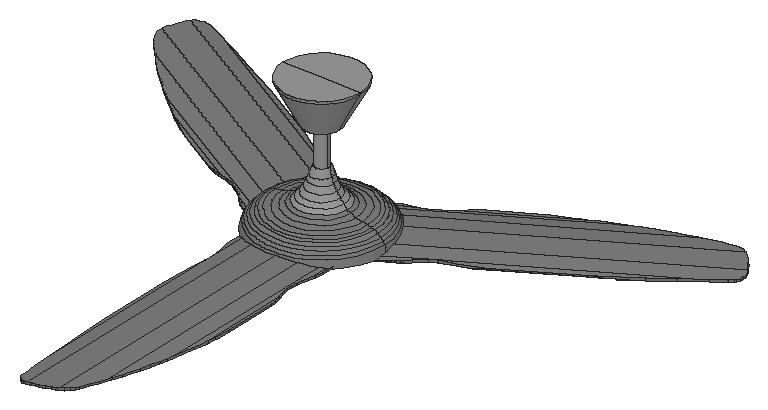
Revit family "Haiku-L Series-52-X3-06", category Generic Models, Revit 2015
Reference planes (in)
  plane 1 "Center (Front/Back)": y = 0
  plane 2: z = 0
  plane 3 "Center (Left/Right)": x = 0
  plane 4: y = -36
Forms (in)
  Revolve 1, solid, not visible
    sketch origin (0, 0, 0) x (1, 0, 0) y (0, 0, 1)
      loop
        line (-0.57203, -5.94949) -> (-0.75989, -6.52766) -> (-0.88726, -6.91966) -> (-1.09857, -7.37282) -> (-1.34682, -7.7701) -> (-1.63576, -8.05904) -> (-1.90663, -8.32991) -> (-2.18875, -8.4928) -> (-2.59757, -8.64159) -> (-3.07449, -8.7517) -> (-3.52877, -8.84) -> (-3.81921, -8.90706) -> (-4.02857, -9.00468) -> (-4.28105, -9.18147) -> (-4.45783, -9.35825) -> (-4.65491, -9.55533) -> (-4.77991, -9.77183) -> (-4.97057, -10.32555) -> (-4.54315, -10.47272) -> (-4.14061, -10.58058) -> (-3.65933, -10.70954) -> (-2.92572, -10.86547) -> (-2.89912, -11.01633) -> (-2.61183, -11.0774) -> (-2.50917, -11.13667) -> (-1.72883, -11.22681) -> (-0.96291, -11.28268) -> (0, -11.32358) -> (0, -5.94949) -> (-0.57203, -5.94949)
      axis (0, -5.94949) -> (0, -11.32358)
    angle from 0 to 360
  Revolve 2, solid
    sketch origin (0, 0, -0.00064) x (1, 0, 0) y (0, 0, 1)
      loop
        line (-0.57203, -5.94949) -> (-0.75989, -6.52766) -> (-0.88726, -6.91966) -> (-1.09857, -7.37282) -> (-1.34682, -7.7701) -> (-1.63576, -8.05904) -> (-1.90663, -8.32991) -> (-2.18875, -8.4928) -> (-2.59757, -8.64159) -> (-3.07449, -8.7517) -> (-3.52877, -8.84) -> (-3.81921, -8.90706) -> (-4.02857, -9.00468) -> (-4.28105, -9.18147) -> (-4.45783, -9.35825) -> (-4.65491, -9.55533) -> (-4.77991, -9.77183) -> (-4.97057, -10.32555) -> (-4.54315, -10.47272) -> (-4.14061, -10.58058) -> (-3.65933, -10.70954) -> (-2.92572, -10.86547) -> (-2.89912, -11.01633) -> (-2.61183, -11.0774) -> (-2.50917, -11.13667) -> (-1.72883, -11.22681) -> (-0.96291, -11.28268) -> (0, -11.32358) -> (0, -5.94949) -> (-0.57203, -5.94949)
      axis (0, -5.94949) -> (0, -11.32358)
    angle from 0 to 360
  Extrusion 3, solid, not visible
    sketch origin (0, 0, 0) x (1, 0, 0) y (0, 0, 1)
      loop
        line (-3.14313, -10.4738) -> (-2.57277, -10.29942) -> (-1.54643, -10.15518) -> (-0.66602, -10.07816) -> (0.13019, -10.05035) -> (0.90523, -10.07742) -> (1.78712, -10.13908) -> (3.26866, -10.37374) -> (3.42624, -10.37374) -> (3.49814, -10.3134) -> (3.51329, -10.21775) -> (3.29281, -10.21775) -> (2.91988, -10.17931) -> (1.81446, -10.00423) -> (0.33677, -9.9009) -> (-1.71612, -10.00849) -> (-2.89597, -10.21653) -> (-3.25765, -10.31344) -> (-3.2312, -10.41213) -> (-3.14313, -10.4738)
    from 3 to 27
  Extrusion 4, void, not visible
    sketch origin (0, 0, 0) x (1, 0, 0) y (0, 1, 0)
      loop
        line (-3.25765, -3.75424) -> (-5.34383, -3.75424) -> (-5.34383, -27.56158) -> (5.34383, -27.56158) -> (5.34383, -3.56158) -> (3.51329, -3.56158) -> (3.51329, -4.35631) -> (3.37547, -4.83694) -> (3.21389, -5.40046) -> (3.13102, -5.82677) -> (3.09053, -6.212) -> (3.06194, -6.35908) -> (3.06194, -6.66675) -> (3.06194, -6.91675) -> (3.08373, -7.1658) -> (3.15904, -7.55324) -> (3.21245, -7.82799) -> (3.3566, -8.29949) -> (3.452, -8.7903) -> (3.51329, -9.29809) -> (3.55805, -9.93819) -> (3.59933, -10.52843) -> (3.59933, -11.2215) -> (3.59933, -11.76216) -> (3.56875, -12.34556) -> (3.54016, -12.89106) -> (3.40107, -14.4809) -> (3.35163, -15.04602) -> (3.18135, -16.25759) -> (2.86027, -18.28485) -> (2.74178, -18.84226) -> (2.57614, -19.62158) -> (2.4274, -20.32133) -> (2.25919, -20.996) -> (2.1153, -21.57307) -> (1.89378, -22.34562) -> (1.60884, -23.22259) -> (1.40753, -23.84214) -> (1.25137, -24.24895) -> (1.14547, -24.52483) -> (1.01183, -24.75631) -> (0.84942, -24.98825) -> (0.60732, -25.23036) -> (0.23563, -25.46261) -> (-0.10698, -25.60103) -> (-0.5007, -25.71393) -> (-0.91265, -25.80149) -> (-1.4275, -25.87385) -> (-1.86243, -25.90426) -> (-2.04243, -25.88852) -> (-2.21139, -25.84324) -> (-2.39285, -25.71618) -> (-2.50563, -25.6034) -> (-2.64778, -25.37593) -> (-2.68285, -25.25361) -> (-2.71019, -24.86254) -> (-2.82384, -23.78125) -> (-2.96191, -21.80684) -> (-3.09101, -19.96061) -> (-3.25765, -16.83791) -> (-3.35502, -14.04942) -> (-3.35502, -11.98738) -> (-3.20873, -10.31528) -> (-3.05621, -8.57193) -> (-2.89597, -7.43175) -> (-2.89597, -6.80508) -> (-3.04367, -5.87253) -> (-3.18921, -5.1878) -> (-3.25765, -4.86584) -> (-3.25765, -3.75424)
    from -12 to -6
  Extrusion 5, solid
    sketch origin (0, 0, 0) x (-0.5, -0.866025, 0) y (0, 0, 1)
      loop
        line (-3.14313, -10.4738) -> (-2.57277, -10.29942) -> (-1.54643, -10.15518) -> (-0.66602, -10.07816) -> (0.13019, -10.05035) -> (0.90523, -10.07742) -> (1.78712, -10.13908) -> (3.26866, -10.37374) -> (3.42624, -10.37374) -> (3.49814, -10.3134) -> (3.51329, -10.21775) -> (3.29281, -10.21775) -> (2.91988, -10.17931) -> (1.81446, -10.00423) -> (0.33677, -9.9009) -> (-1.71612, -10.00849) -> (-2.89597, -10.21653) -> (-3.25765, -10.31344) -> (-3.2312, -10.41213) -> (-3.14313, -10.4738)
    from 3 to 27
  Extrusion 6, void
    sketch origin (0, 0, 0) x (-0.5, -0.866025, 0) y (0.866025, -0.5, 0)
      loop
        line (-3.25765, -3.75424) -> (-5.34383, -3.75424) -> (-5.34383, -27.56158) -> (5.34383, -27.56158) -> (5.34383, -3.56158) -> (3.51329, -3.56158) -> (3.51329, -4.35631) -> (3.37547, -4.83694) -> (3.21389, -5.40046) -> (3.13102, -5.82677) -> (3.09053, -6.212) -> (3.06194, -6.35908) -> (3.06194, -6.66675) -> (3.06194, -6.91675) -> (3.08373, -7.1658) -> (3.15904, -7.55324) -> (3.21245, -7.82799) -> (3.3566, -8.29949) -> (3.452, -8.7903) -> (3.51329, -9.29809) -> (3.55805, -9.93819) -> (3.59933, -10.52843) -> (3.59933, -11.2215) -> (3.59933, -11.76216) -> (3.56875, -12.34556) -> (3.54016, -12.89106) -> (3.40107, -14.4809) -> (3.35163, -15.04602) -> (3.18135, -16.25759) -> (2.86027, -18.28485) -> (2.74178, -18.84226) -> (2.57614, -19.62158) -> (2.4274, -20.32133) -> (2.25919, -20.996) -> (2.1153, -21.57307) -> (1.89378, -22.34562) -> (1.60884, -23.22259) -> (1.40753, -23.84214) -> (1.25137, -24.24895) -> (1.14547, -24.52483) -> (1.01183, -24.75631) -> (0.84942, -24.98825) -> (0.60732, -25.23036) -> (0.23563, -25.46261) -> (-0.10698, -25.60103) -> (-0.5007, -25.71393) -> (-0.91265, -25.80149) -> (-1.4275, -25.87385) -> (-1.86243, -25.90426) -> (-2.04243, -25.88852) -> (-2.21139, -25.84324) -> (-2.39285, -25.71618) -> (-2.50563, -25.6034) -> (-2.64778, -25.37593) -> (-2.68285, -25.25361) -> (-2.71019, -24.86254) -> (-2.82384, -23.78125) -> (-2.96191, -21.80684) -> (-3.09101, -19.96061) -> (-3.25765, -16.83791) -> (-3.35502, -14.04942) -> (-3.35502, -11.98738) -> (-3.20873, -10.31528) -> (-3.05621, -8.57193) -> (-2.89597, -7.43175) -> (-2.89597, -6.80508) -> (-3.04367, -5.87253) -> (-3.18921, -5.1878) -> (-3.25765, -4.86584) -> (-3.25765, -3.75424)
    from -12 to -6
  Extrusion 7, solid
    sketch origin (0, 0, 0) x (-0.5, 0.866025, 0) y (0, 0, 1)
      loop
        line (-3.14313, -10.4738) -> (-2.57277, -10.29942) -> (-1.54643, -10.15518) -> (-0.66602, -10.07816) -> (0.13019, -10.05035) -> (0.90523, -10.07742) -> (1.78712, -10.13908) -> (3.26866, -10.37374) -> (3.42624, -10.37374) -> (3.49814, -10.3134) -> (3.51329, -10.21775) -> (3.29281, -10.21775) -> (2.91988, -10.17931) -> (1.81446, -10.00423) -> (0.33677, -9.9009) -> (-1.71612, -10.00849) -> (-2.89597, -10.21653) -> (-3.25765, -10.31344) -> (-3.2312, -10.41213) -> (-3.14313, -10.4738)
    from 3 to 27
  Extrusion 8, void
    sketch origin (0, 0, 0) x (-0.5, 0.866025, 0) y (-0.866025, -0.5, 0)
      loop
        line (-3.25765, -3.75424) -> (-5.34383, -3.75424) -> (-5.34383, -27.56158) -> (5.34383, -27.56158) -> (5.34383, -3.56158) -> (3.51329, -3.56158) -> (3.51329, -4.35631) -> (3.37547, -4.83694) -> (3.21389, -5.40046) -> (3.13102, -5.82677) -> (3.09053, -6.212) -> (3.06194, -6.35908) -> (3.06194, -6.66675) -> (3.06194, -6.91675) -> (3.08373, -7.1658) -> (3.15904, -7.55324) -> (3.21245, -7.82799) -> (3.3566, -8.29949) -> (3.452, -8.7903) -> (3.51329, -9.29809) -> (3.55805, -9.93819) -> (3.59933, -10.52843) -> (3.59933, -11.2215) -> (3.59933, -11.76216) -> (3.56875, -12.34556) -> (3.54016, -12.89106) -> (3.40107, -14.4809) -> (3.35163, -15.04602) -> (3.18135, -16.25759) -> (2.86027, -18.28485) -> (2.74178, -18.84226) -> (2.57614, -19.62158) -> (2.4274, -20.32133) -> (2.25919, -20.996) -> (2.1153, -21.57307) -> (1.89378, -22.34562) -> (1.60884, -23.22259) -> (1.40753, -23.84214) -> (1.25137, -24.24895) -> (1.14547, -24.52483) -> (1.01183, -24.75631) -> (0.84942, -24.98825) -> (0.60732, -25.23036) -> (0.23563, -25.46261) -> (-0.10698, -25.60103) -> (-0.5007, -25.71393) -> (-0.91265, -25.80149) -> (-1.4275, -25.87385) -> (-1.86243, -25.90426) -> (-2.04243, -25.88852) -> (-2.21139, -25.84324) -> (-2.39285, -25.71618) -> (-2.50563, -25.6034) -> (-2.64778, -25.37593) -> (-2.68285, -25.25361) -> (-2.71019, -24.86254) -> (-2.82384, -23.78125) -> (-2.96191, -21.80684) -> (-3.09101, -19.96061) -> (-3.25765, -16.83791) -> (-3.35502, -14.04942) -> (-3.35502, -11.98738) -> (-3.20873, -10.31528) -> (-3.05621, -8.57193) -> (-2.89597, -7.43175) -> (-2.89597, -6.80508) -> (-3.04367, -5.87253) -> (-3.18921, -5.1878) -> (-3.25765, -4.86584) -> (-3.25765, -3.75424)
    from -12 to -6
  Revolve 9, solid
    sketch origin (0, 0, -35.97394) x (1, 0, 0) y (0, 0, 1)
      loop
        line (0, 35.99936) -> (-2.95276, 35.99936) -> (-2.91496, 35.78503) -> (-1.36379, 32.86771) -> (-1.22478, 32.78745) -> (-0.47478, 32.78745) -> (-0.47478, 30.02381) -> (0, 30.02381) -> (0, 35.99936)
      axis (0, 35.99936) -> (0, 30.02381)
    angle from 0 to 360
  Revolve 10, solid, not visible
    sketch origin (0, 0, 0) x (1, 0, 0) y (0, 0, 1)
      loop
        line (0, 35.99936) -> (-2.95276, 35.99936) -> (-2.91496, 35.78503) -> (-1.36379, 32.86771) -> (-1.22478, 32.78745) -> (-0.47478, 32.78745) -> (-0.47478, 30.02381) -> (0, 30.02381) -> (0, 35.99936)
      axis (0, 35.99936) -> (0, 30.02381)
    angle from 0 to 360
  Extrusion 11, solid
    sketch origin (0, 0, 0) x (1, 0, 0) y (0, 0, 1)
      loop
        line (-3.14313, -10.4738) -> (-2.57277, -10.29942) -> (-1.54643, -10.15518) -> (-0.66602, -10.07816) -> (0.13019, -10.05035) -> (0.90523, -10.07742) -> (1.78712, -10.13908) -> (3.26866, -10.37374) -> (3.42624, -10.37374) -> (3.49814, -10.3134) -> (3.51329, -10.21775) -> (3.29281, -10.21775) -> (2.91988, -10.17931) -> (1.81446, -10.00423) -> (0.33677, -9.9009) -> (-1.71612, -10.00849) -> (-2.89597, -10.21653) -> (-3.25765, -10.31344) -> (-3.2312, -10.41213) -> (-3.14313, -10.4738)
    from 3 to 27
  Extrusion 12, void
    sketch origin (0, 0, 0) x (1, 0, 0) y (0, 1, 0)
      loop
        line (-3.25765, -3.75424) -> (-5.34383, -3.75424) -> (-5.34383, -27.56158) -> (5.34383, -27.56158) -> (5.34383, -3.56158) -> (3.51329, -3.56158) -> (3.51329, -4.35631) -> (3.37547, -4.83694) -> (3.21389, -5.40046) -> (3.13102, -5.82677) -> (3.09053, -6.212) -> (3.06194, -6.35908) -> (3.06194, -6.66675) -> (3.06194, -6.91675) -> (3.08373, -7.1658) -> (3.15904, -7.55324) -> (3.21245, -7.82799) -> (3.3566, -8.29949) -> (3.452, -8.7903) -> (3.51329, -9.29809) -> (3.55805, -9.93819) -> (3.59933, -10.52843) -> (3.59933, -11.2215) -> (3.59933, -11.76216) -> (3.56875, -12.34556) -> (3.54016, -12.89106) -> (3.40107, -14.4809) -> (3.35163, -15.04602) -> (3.18135, -16.25759) -> (2.86027, -18.28485) -> (2.74178, -18.84226) -> (2.57614, -19.62158) -> (2.4274, -20.32133) -> (2.25919, -20.996) -> (2.1153, -21.57307) -> (1.89378, -22.34562) -> (1.60884, -23.22259) -> (1.40753, -23.84214) -> (1.25137, -24.24895) -> (1.14547, -24.52483) -> (1.01183, -24.75631) -> (0.84942, -24.98825) -> (0.60732, -25.23036) -> (0.23563, -25.46261) -> (-0.10698, -25.60103) -> (-0.5007, -25.71393) -> (-0.91265, -25.80149) -> (-1.4275, -25.87385) -> (-1.86243, -25.90426) -> (-2.04243, -25.88852) -> (-2.21139, -25.84324) -> (-2.39285, -25.71618) -> (-2.50563, -25.6034) -> (-2.64778, -25.37593) -> (-2.68285, -25.25361) -> (-2.71019, -24.86254) -> (-2.82384, -23.78125) -> (-2.96191, -21.80684) -> (-3.09101, -19.96061) -> (-3.25765, -16.83791) -> (-3.35502, -14.04942) -> (-3.35502, -11.98738) -> (-3.20873, -10.31528) -> (-3.05621, -8.57193) -> (-2.89597, -7.43175) -> (-2.89597, -6.80508) -> (-3.04367, -5.87253) -> (-3.18921, -5.1878) -> (-3.25765, -4.86584) -> (-3.25765, -3.75424)
    from -12 to -6
Cuts and joins
  Extrusion 6 cuts Extrusion 5
  Extrusion 8 cuts Extrusion 7
  Extrusion 12 cuts Extrusion 11
Lines and regions (in)
  model lines
    curve 1: line (-3.15339, 0, -10.46661) -> (-3.2312, 0, -10.41213)
    curve 2: line (-3.2312, 0, -10.41213) -> (-3.24647, 0, -10.32555)
    curve 3: line (-3.24647, 0, -10.32555) -> (-2.8816, 0, -10.214)
    curve 4: line (-2.8816, 0, -10.214) -> (-2.46526, 0, -10.14058)
    curve 5: line (-2.46526, 0, -10.14058) -> (-1.71612, 0, -10.00849)
    curve 6: line (-1.71612, 0, -10.00849) -> (-1.96454, 0, -10.03022)
    curve 7: line (-1.96454, 0, -10.03022) -> (0.34242, 0, -9.90932)
    curve 8: line (0.34242, 0, -9.90932) -> (0.44374, 0, -9.90932)
    curve 9: line (0.44374, 0, -9.90932) -> (1.15669, 0, -9.94669)
    curve 10: line (1.15669, 0, -9.94669) -> (1.91978, 0, -10.01345)
    curve 11: line (1.91978, 0, -10.01345) -> (2.92299, 0, -10.17234)
    curve 12: line (2.92299, 0, -10.17234) -> (3.29281, 0, -10.21775)
    curve 13: line (3.29281, 0, -10.21775) -> (3.51329, 0, -10.21775)
    curve 14: line (3.51329, 0, -10.21775) -> (3.49814, 0, -10.3134)
    curve 15: line (3.49814, 0, -10.3134) -> (3.42624, 0, -10.37374)
    curve 16: line (3.42624, 0, -10.37374) -> (3.26866, 0, -10.37374)
    curve 17: line (3.26866, 0, -10.37374) -> (3.03636, 0, -10.34521)
    curve 18: line (3.03636, 0, -10.34521) -> (1.81129, 0, -10.15118)
    curve 19: line (1.81129, 0, -10.15118) -> (0.91245, 0, -10.08833)
    curve 20: line (0.91245, 0, -10.08833) -> (0.11259, 0, -10.0604)
    curve 21: line (0.11259, 0, -10.0604) -> (-0.68284, 0, -10.08817)
    curve 22: line (-0.68284, 0, -10.08817) -> (-1.59592, 0, -10.16806)
    curve 23: line (-1.59592, 0, -10.16806) -> (-2.26749, 0, -10.26244)
    curve 24: line (-2.26749, 0, -10.26244) -> (-2.59726, 0, -10.30879)
    curve 25: line (-2.59726, 0, -10.30879) -> (-2.92016, 0, -10.39531)
    curve 26: line (-2.92016, 0, -10.39531) -> (-3.15339, 0, -10.46661)
Dimensions and locks (in)
  aligned and locked: plane 2 to level
